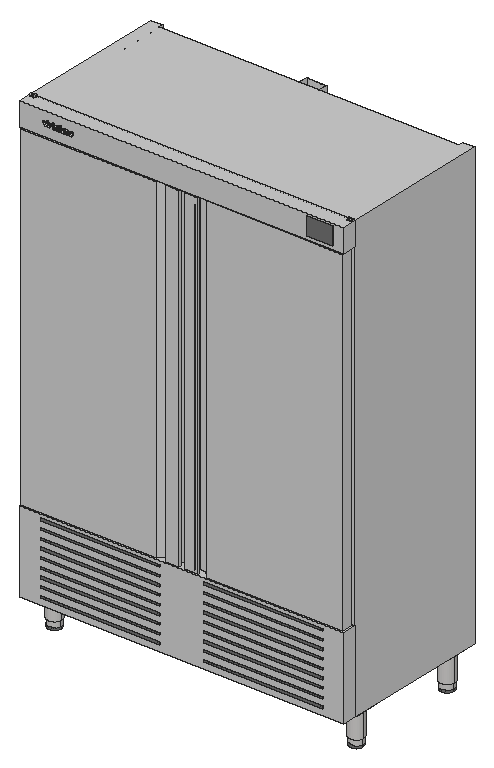
Revit family "QF_INFRICO_AN1002BT_250808092715", category Specialty Equipment, Revit 2021 (continued)
Definition of nested family "QF_INFRICO_LEGS_REACH_INS_5307"
  Definition of nested family "QF_INFRICO_LEGS"
    Reference planes
      plane 1 "Center (Front/Back)": y = 0
      plane 2: z = 0
      plane 3 "Center (Left/Right)": x = 0
      plane 4 "Top": z = 140
    Forms (mm)
      Extrusion 1, solid
        sketch origin (0, 0, 140) x (0, 1, 0) y (-1, 0, 0)
          loop
            line (50, 45) -> (-50, 45) -> (-50, -45) -> (50, -45) -> (50, 45)
        from 0 to -3
      Extrusion 2, solid
        sketch origin (-199.986, 580, 0) x (1, 0, 0) y (0, 1, 0)
          loop
            circle (199.986, -580) r 28
        from 9 to 35
      Extrusion 3, solid
        sketch origin (-199.986, 580, 0) x (1, 0, 0) y (0, 1, 0)
          loop
            circle (199.986, -580) r 28.5
        from 0 to 9
      Sweep 4, solid
        path origin (0, 0, 0) x (0, 1, 0) y (0, 0, 1)
          loop
            line (0, 137) -> (0, 35)
        profile origin (0, 0, 86) x (1, 0, 0) y (0, 1, 0)
          loop
            circle (0, 0) r 32
    Dimensions and locks
      "Height": plane 4 "Top" to plane 2
      aligned and locked: level to plane 2
    Automatic sketch dimensions
      plane 1 "Center (Front/Back)" to Extrusion 1 sketch curve = 50 mm
      Extrusion 1 sketch curve to plane 1 "Center (Front/Back)" = 50 mm
      plane 3 "Center (Left/Right)" to Extrusion 1 sketch curve = 45 mm
      Extrusion 1 sketch curve to plane 3 "Center (Left/Right)" = 45 mm
      plane 1 "Center (Front/Back)" to Extrusion 2 sketch curve = 0 mm
      Extrusion 2 sketch curve to plane 3 "Center (Left/Right)" = 0 mm
      plane 1 "Center (Front/Back)" to Extrusion 3 sketch curve = 0 mm
      Extrusion 3 sketch curve to plane 3 "Center (Left/Right)" = 0 mm
      Sweep 4 sketch curve to plane 1 "Center (Front/Back)" = 0 mm
      level to Sweep 4 sketch curve = 35 mm
      Sweep 4 sketch curve to plane 4 "Top" = 3 mm
      Sweep 4 sketch curve to plane 3 "Center (Left/Right)" = 0 mm
      profile plane to Sweep 4 sketch curve = 0 mm
      radius of Extrusion 2 sketch curve = 28 mm
      radius of Extrusion 3 sketch curve = 28.5 mm
      radius of Sweep 4 sketch curve = 32 mm
Definition of nested family "CONN_POINT_DRAIN_2D___Generic_Annotation"
  Parameters (values of type "CONN_POINT_DRAIN_2D___Generic_Annotation")
    Onboard connection annotation symbol visibility [instance] = yes
  Reference planes
    plane 1: y = 0
    plane 2: x = 0
  Lines and regions (mm)
    detail lines, visible <- "Onboard connection annotation symbol visibility"
      curve 1: circle (0, 0, 0) r 0.5 normal (0, 0, 1)
      curve 2: line (-1, 0, 0) -> (1, 0, 0)
      curve 3: line (0, 1, 0) -> (0, -1, 0)
      curve 4: line (1.776, 1, 0) -> (1.25, 1, 0)
      curve 5: line (1.25, 1, 0) -> (1.25, -1, 0)
      curve 6: line (1.25, -1, 0) -> (1.776, -1, 0)
      curve 7: arc (2.206, -0.862, 0) -> (2.459, -0.589, 0) -> (2.583, -0.238, 0) r 0.918
      curve 8: arc (2.583, 0.238, 0) -> (2.459, 0.589, 0) -> (2.206, 0.862, 0) r 0.918
      curve 9: arc (2.583, -0.238, 0) -> (2.599, 0, 0) -> (2.583, 0.238, 0) r 1.77
      curve 10: arc (2.206, 0.862, 0) -> (2.002, 0.965, 0) -> (1.776, 1, 0) r 0.741
      curve 11: arc (1.776, -1, 0) -> (2.002, -0.965, 0) -> (2.206, -0.862, 0) r 0.741
Definition of nested family "CONN_POINT_ELE_2D___Generic_Annotation"
  Parameters (values of type "CONN_POINT_ELE_2D___Generic_Annotation")
    Onboard connection annotation symbol visibility [instance] = yes
  Reference planes
    plane 1: y = 0
    plane 2: x = 0
  Lines and regions (mm)
    detail lines, visible <- "Onboard connection annotation symbol visibility"
      curve 1: circle (0, 0, 0) r 0.5 normal (0, 0, 1)
      curve 2: line (-1, 0, 0) -> (1, 0, 0)
      curve 3: line (0, 1, 0) -> (0, -1, 0)
      curve 4: line (2.5, 1, 0) -> (1.25, 1, 0)
      curve 5: line (1.25, 1, 0) -> (1.25, -1, 0)
      curve 6: line (1.25, -1, 0) -> (2.5, -1, 0)
      curve 7: line (1.25, 0, 0) -> (2, 0, 0)
